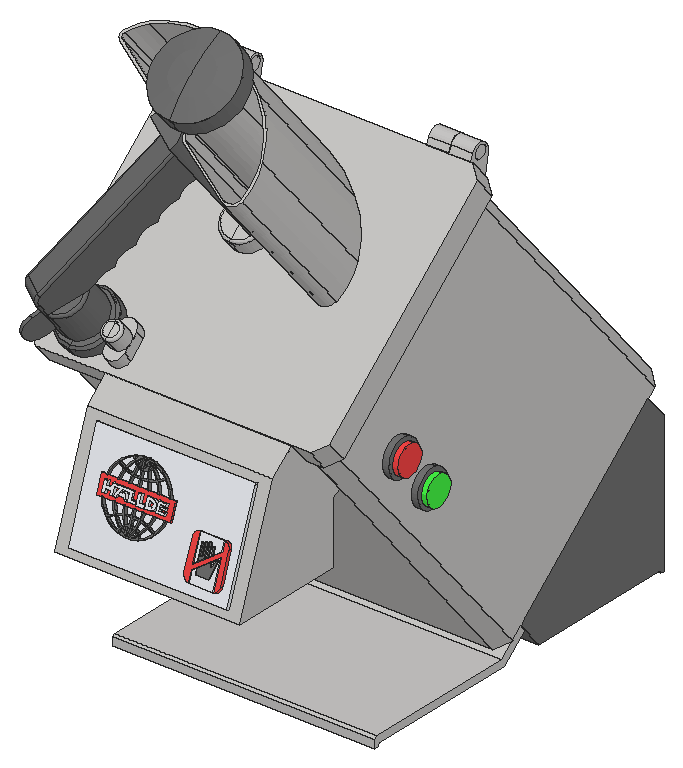
Revit family "RG100", category Specialty Equipment, Revit 2012
Parameters
  Width = 245 mm
  Weight = "16 kg"
  Watts = 250 W
  Volts = 230 V
  URL Cutsheet = ""
  URL = "www.hallde.com"
  Status [instance] = ""
  Specification by User [instance] = ""
  Specification by Manufacturer [instance] = ""
  Show Logo [instance] = yes
  Serial Number = ""
  Seismic Rating = ""
  SMACNA No = ""
  Revision Code [instance] = ""
  Phase = 1
  Number of Poles [instance] = 1
  NAFEM Spec ID Number = ""
  Model = "RG-100"
  Min Ckt Ampacity = 0 A
  Max Overcurrent Protection = 10 A
  Manufacturer = "HALLDE"
  Item Number [instance] = ""
  Installed By [instance] = ""
  Identify Quantity as Lot [instance] = yes
  Height = 505 mm
  HP = ""
  Furnished By [instance] = ""
  Foodservice Equipment Identifier [instance] = yes
  FL Amps = 0 A
  Electrical Remarks [instance] = ""
  Electric Connection Type [instance] = "Cord & Plug"
  Elec Conn RI Height [instance] = 0 mm
  Elec Conn Connection Height = 342 mm
  Description = "VEGETABLE PREPARATION MACHINE 5 KG/MINUTE"
  Depth = 425 mm
  Cycle = 50 Hz
  Conn Plug = ""
  Conn Conduit = yes
  CSI MasterFormat = ""
  Assembly Code = "E1090320"
  Apparent Power = 0 VA
Reference planes
  plane 1 "BACK": y = 0
  plane 2: z = 0
  plane 3 "LEFT": x = 0
  plane 4 "RIGHT": x = 245
  plane 5 "FRONT": y = -425
  plane 6 "TOP": z = 505
Forms (mm)
  Extrusion 1, solid
    sketch origin (401.774, 453.852, 1213.947) x (0, 0.29296, 0.956125) y (0, -0.956125, 0.29296)
      loop
        circle (-1198.073, 362.858) r 15
    from -171.774 to -165.774
  Extrusion 2, solid
    sketch origin (401.774, 453.852, 1213.947) x (0, 0.29296, 0.956125) y (0, -0.956125, 0.29296)
      loop
        circle (-1198.073, 362.858) r 12
    from -165.774 to -160.767
  Extrusion 3, solid
    sketch origin (401.774, 424.236, 1249.241) x (0, 0.29296, 0.956125) y (0, -0.956125, 0.29296)
      loop
        circle (-1198.073, 362.858) r 15
    from -171.774 to -165.774
  Extrusion 4, solid
    sketch origin (401.774, 424.236, 1249.241) x (0, 0.29296, 0.956125) y (0, -0.956125, 0.29296)
      loop
        circle (-1198.073, 362.858) r 12
    from -165.774 to -160.767
  Extrusion 5, solid
    sketch origin (399.979, 693.808, 531.269) x (-1, 0, 0) y (0, -0.642788, 0.766044)
      loop
        line (371.912, 388.034) -> (364.696, 400.534) -> (350.262, 400.534) -> (343.045, 388.034) -> (350.262, 375.534) -> (364.696, 375.534) -> (371.912, 388.034)
    from -777.103 to -765.103
  Revolve 6, solid
    sketch origin (42.5, 954.263, 749.816) x (0, 0.766044, 0.642788) y (0, -0.642788, 0.766044)
      loop
        line (-1105.103, 388.034) -> (-1097.103, 388.034) -> (-1097.103, 394.534)
        arc (-1097.103, 394.534) -> (-1098.596, 398.041) -> (-1102.103, 399.534) r 5.1
        line (-1102.103, 399.534) -> (-1105.103, 399.534) -> (-1105.103, 388.034)
      axis (-1097.103, 388.034) -> (-1105.103, 388.034)
    angle from 0 to 360
  Extrusion 7, solid
    sketch origin (0, 2155.657, 1808.811) x (1, 0, 0) y (0, 0.766044, 0.642788)
      loop
        line (235, -2714.625) -> (10, -2714.625) -> (0, -2724.625) -> (0, -2922.168) -> (10, -2932.168) -> (235, -2932.168) -> (245, -2922.168) -> (245, -2724.625) -> (235, -2714.625)
    from 409.659 to 431.659
  Extrusion 8, solid
    sketch origin (0, 2155.657, 1808.811) x (1, 0, 0) y (0, 0.766044, 0.642788)
      loop
        line (15, -2918.659) -> (25, -2928.659) -> (220, -2928.659) -> (230, -2918.659) -> (230, -2728.134) -> (220, -2718.134) -> (25, -2718.134) -> (15, -2728.134) -> (15, -2918.659)
    from 115.925 to 409.659
  Extrusion 9, solid
    sketch origin (0, 2155.657, 1808.811) x (0, 0.766044, 0.642788) y (0, -0.642788, 0.766044)
      loop
        line (-2969.499, 321.392) -> (-2937.615, 359.39)
        arc (-2937.615, 359.39) -> (-2934.615, 360.789) -> (-2931.615, 359.39) r 3.916
        line (-2931.615, 359.39) -> (-2928.659, 359.39) -> (-2928.659, 409.659) -> (-2932.168, 409.659) -> (-2932.168, 431.659) -> (-2956.897, 431.659) -> (-3042.21, 382.403) -> (-2969.499, 321.392)
    from 67.42 to 219.42
  Extrusion 10, void
    sketch origin (0, 2155.657, 1808.811) x (0, 0.766044, 0.642788) y (0, -0.642788, 0.766044)
      loop
        line (-3040.579, 381.035) -> (-2971.031, 322.677) -> (-2939.147, 360.675)
        arc (-2939.147, 360.675) -> (-2935.527, 362.576) -> (-2931.615, 361.39) r 5.389
        line (-2931.615, 361.39) -> (-2928.659, 361.39) -> (-2928.659, 409.659) -> (-2932.168, 409.659) -> (-2932.168, 429.659) -> (-2956.361, 429.659) -> (-3040.579, 381.035)
    from 69.42 to 217.42
  Extrusion 11, solid
    sketch origin (0, 2155.657, 1808.811) x (0, 0.766044, 0.642788) y (0, -0.642788, 0.766044)
      loop
        line (-2709.542, 433.924) -> (-2714.625, 431.659) -> (-2714.625, 409.659) -> (-2701.617, 419.994)
        arc (-2701.617, 419.994) -> (-2698.864, 430.779) -> (-2709.542, 433.924) r 8.019
      loop
        circle (-2705.167, 427.682) r 5.5
    from 12.03 to 29.825
  Extrusion 12, solid
    sketch origin (18.295, 2155.657, 1808.811) x (0, 0.766044, 0.642788) y (0, -0.642788, 0.766044)
      loop
        line (-2709.542, 433.924) -> (-2714.625, 431.659) -> (-2714.625, 409.659) -> (-2701.617, 419.994)
        arc (-2701.617, 419.994) -> (-2698.864, 430.779) -> (-2709.542, 433.924) r 8.019
      loop
        circle (-2705.167, 427.682) r 5.5
    from 12.03 to 29.825
  Extrusion 13, solid
    sketch origin (245, 2155.657, 1808.811) x (0, 0.766044, 0.642788) y (0, 0.642788, -0.766044)
      loop
        arc (-2709.542, -433.924) -> (-2698.864, -430.779) -> (-2701.617, -419.994) r 8.019
        line (-2701.617, -419.994) -> (-2714.625, -409.659) -> (-2714.625, -431.659) -> (-2709.542, -433.924)
      loop
        circle (-2705.167, -427.682) r 5.5
    from 12.03 to 29.825
  Extrusion 14, solid
    sketch origin (226.705, 2155.657, 1808.811) x (0, 0.766044, 0.642788) y (0, 0.642788, -0.766044)
      loop
        arc (-2709.542, -433.924) -> (-2698.864, -430.779) -> (-2701.617, -419.994) r 8.019
        line (-2701.617, -419.994) -> (-2714.625, -409.659) -> (-2714.625, -431.659) -> (-2709.542, -433.924)
      loop
        circle (-2705.167, -427.682) r 5.5
    from 12.03 to 29.825
  Extrusion 15, solid
    sketch origin (0, 2155.657, 1808.811) x (0, 0.766044, 0.642788) y (0, -0.642788, 0.766044)
      loop
        circle (-2705.167, 427.682) r 5
    from 12.03 to 48.12
  Extrusion 16, solid
    sketch origin (184.85, 2155.657, 1808.811) x (0, 0.766044, 0.642788) y (0, -0.642788, 0.766044)
      loop
        circle (-2705.167, 427.682) r 5
    from 12.03 to 48.12
  Extrusion 17, solid
    sketch origin (0, 0, 0) x (0, 1, 0) y (0, 0, 1)
      loop
        line (-165.413, 12.531) -> (-293.734, 12.531) -> (-295.739, 10.526) -> (-295.739, 4.511) -> (-292.731, 4.511) -> (-291.573, 6.516) -> (-163.224, 6.516) -> (-142.348, 24.033) -> (-146.214, 28.641) -> (-165.413, 12.531)
    from 15 to 230
  Extrusion 18, solid
    sketch origin (0, 0, 0) x (0, 1, 0) y (0, 0, 1)
      loop
        line (0, 119.525) -> (-15.66, 138.189) -> (-146.214, 28.641) -> (-127.649, 6.516) -> (-4.165, 6.516) -> (-3.008, 4.511) -> (0, 4.511) -> (0, 119.525)
    from 15 to 230
  Extrusion 19, solid, visible <- "Show Logo", detail levels medium+fine
    sketch origin (264.42, -431.039, 117.612) x (1, 0, 0) y (0, 0.34202, 0.939693)
      loop
        line (-186, 122.471) -> (-186, 37) -> (-56, 37) -> (-56, 122.471) -> (-186, 122.471)
    from 0 to 2
  Extrusion 20, solid, visible <- "Show Logo", detail levels medium+fine
    sketch origin (264.42, -431.039, 117.612) x (1, 0, 0) y (0, 0.34202, 0.939693)
      loop
        arc (-115.542, 92.677) -> (-142, 112.68) -> (-168.458, 92.677) r 27.5
        line (-168.458, 92.677) -> (-167.417, 92.677)
        arc (-167.417, 92.677) -> (-165.014, 98.317) -> (-161.379, 103.254) r 26.5
        arc (-161.379, 103.254) -> (-158.741, 101.652) -> (-155.972, 100.291) r 34.778
        arc (-155.972, 100.291) -> (-157.729, 96.584) -> (-158.982, 92.677) r 31
        line (-158.982, 92.677) -> (-157.95, 92.677)
        arc (-157.95, 92.677) -> (-156.733, 96.383) -> (-155.044, 99.9) r 30
        arc (-155.044, 99.9) -> (-152.126, 98.871) -> (-149.128, 98.105) r 34.778
        arc (-149.128, 98.105) -> (-149.77, 95.407) -> (-150.262, 92.677) r 50
        line (-150.262, 92.677) -> (-149.25, 92.677)
        arc (-149.25, 92.677) -> (-148.769, 95.311) -> (-148.144, 97.914) r 49
        arc (-148.144, 97.914) -> (-145.333, 97.53) -> (-142.5, 97.375) r 34.778
        line (-142.5, 97.375) -> (-142.5, 92.677) -> (-141.5, 92.677) -> (-141.5, 97.376)
        arc (-141.5, 97.376) -> (-138.668, 97.534) -> (-135.859, 97.923) r 34.778
        arc (-135.859, 97.923) -> (-135.232, 95.315) -> (-134.75, 92.677) r 49
        line (-134.75, 92.677) -> (-133.738, 92.677)
        arc (-133.738, 92.677) -> (-134.231, 95.412) -> (-134.875, 98.115) r 50
        arc (-134.875, 98.115) -> (-131.88, 98.885) -> (-128.965, 99.917) r 34.778
        arc (-128.965, 99.917) -> (-127.271, 96.393) -> (-126.05, 92.677) r 30
        line (-126.05, 92.677) -> (-125.018, 92.677)
        arc (-125.018, 92.677) -> (-126.274, 96.593) -> (-128.038, 100.309) r 31
        arc (-128.038, 100.309) -> (-125.274, 101.673) -> (-122.641, 103.276) r 34.778
        arc (-122.641, 103.276) -> (-118.993, 98.33) -> (-116.583, 92.677) r 26.5
        line (-116.583, 92.677) -> (-115.542, 92.677)
      loop
        arc (-145.339, 111.469) -> (-147.542, 111.094) -> (-149.707, 110.534) r 26.5
        arc (-149.707, 110.534) -> (-149.401, 109.643) -> (-148.993, 108.793) r 8
        arc (-148.993, 108.793) -> (-147.214, 110.198) -> (-145.339, 111.469) r 31
      loop
        arc (-143.355, 111.474) -> (-145.993, 109.84) -> (-148.447, 107.944) r 30
        arc (-148.447, 107.944) -> (-147.472, 106.844) -> (-146.313, 105.942) r 8
        arc (-146.313, 105.942) -> (-144.921, 108.754) -> (-143.355, 111.474) r 50
      loop
        arc (-140.645, 111.474) -> (-139.079, 108.754) -> (-137.687, 105.942) r 50
        arc (-137.687, 105.942) -> (-136.528, 106.844) -> (-135.553, 107.944) r 8
        arc (-135.553, 107.944) -> (-138.007, 109.84) -> (-140.645, 111.474) r 30
      loop
        arc (-138.661, 111.469) -> (-136.786, 110.198) -> (-135.007, 108.793) r 31
        arc (-135.007, 108.793) -> (-134.599, 109.643) -> (-134.293, 110.534) r 8
        arc (-134.293, 110.534) -> (-136.458, 111.094) -> (-138.661, 111.469) r 26.5
      loop
        arc (-142.5, 110.956) -> (-144.055, 108.252) -> (-145.436, 105.455) r 49
        arc (-145.436, 105.455) -> (-144.004, 104.935) -> (-142.5, 104.695) r 8
        line (-142.5, 104.695) -> (-142.5, 110.956)
      loop
        line (-141.5, 110.956) -> (-141.5, 104.695)
        arc (-141.5, 104.695) -> (-139.996, 104.935) -> (-138.564, 105.455) r 8
        arc (-138.564, 105.455) -> (-139.945, 108.252) -> (-141.5, 110.956) r 49
      loop
        arc (-160.672, 103.984) -> (-158.131, 102.459) -> (-155.467, 101.161) r 33.778
        arc (-155.467, 101.161) -> (-152.867, 104.848) -> (-149.759, 108.119) r 31
        arc (-149.759, 108.119) -> (-150.276, 109.143) -> (-150.659, 110.225) r 9
        arc (-150.659, 110.225) -> (-156.017, 107.669) -> (-160.672, 103.984) r 26.5
      loop
        arc (-123.349, 104.005) -> (-127.996, 107.677) -> (-133.341, 110.225) r 26.5
        arc (-133.341, 110.225) -> (-133.724, 109.143) -> (-134.241, 108.119) r 9
        arc (-134.241, 108.119) -> (-131.14, 104.857) -> (-128.544, 101.179) r 31
        arc (-128.544, 101.179) -> (-125.884, 102.478) -> (-123.349, 104.005) r 33.778
      loop
        arc (-154.533, 100.773) -> (-151.734, 99.797) -> (-148.859, 99.07) r 33.778
        arc (-148.859, 99.07) -> (-147.885, 102.078) -> (-146.723, 105.019) r 50
        arc (-146.723, 105.019) -> (-148.067, 106.032) -> (-149.198, 107.277) r 9
        arc (-149.198, 107.277) -> (-152.095, 104.213) -> (-154.533, 100.773) r 30
      loop
        arc (-147.873, 98.882) -> (-145.196, 98.521) -> (-142.5, 98.375) r 33.778
        line (-142.5, 98.375) -> (-142.5, 103.694)
        arc (-142.5, 103.694) -> (-144.211, 103.955) -> (-145.84, 104.54) r 9
        arc (-145.84, 104.54) -> (-146.943, 101.742) -> (-147.873, 98.882) r 49
      loop
        arc (-141.5, 98.376) -> (-138.805, 98.526) -> (-136.13, 98.891) r 33.778
        arc (-136.13, 98.891) -> (-137.058, 101.746) -> (-138.16, 104.54) r 49
        arc (-138.16, 104.54) -> (-139.789, 103.955) -> (-141.5, 103.694) r 9
        line (-141.5, 103.694) -> (-141.5, 98.376)
      loop
        arc (-135.144, 99.081) -> (-132.273, 99.811) -> (-129.477, 100.79) r 33.778
        arc (-129.477, 100.79) -> (-131.911, 104.22) -> (-134.802, 107.277) r 30
        arc (-134.802, 107.277) -> (-135.933, 106.032) -> (-137.277, 105.019) r 9
        arc (-137.277, 105.019) -> (-136.117, 102.083) -> (-135.144, 99.081) r 50
      loop
        line (-115.542, 77.682) -> (-116.583, 77.682)
        arc (-116.583, 77.682) -> (-118.993, 72.029) -> (-122.641, 67.084) r 26.5
        arc (-122.641, 67.084) -> (-125.274, 68.687) -> (-128.038, 70.05) r 34.778
        arc (-128.038, 70.05) -> (-126.274, 73.766) -> (-125.018, 77.682) r 31
        line (-125.018, 77.682) -> (-126.05, 77.682)
        arc (-126.05, 77.682) -> (-127.271, 73.967) -> (-128.965, 70.442) r 30
        arc (-128.965, 70.442) -> (-131.88, 71.474) -> (-134.875, 72.244) r 34.778
        arc (-134.875, 72.244) -> (-134.231, 74.947) -> (-133.738, 77.682) r 50
        line (-133.738, 77.682) -> (-134.75, 77.682)
        arc (-134.75, 77.682) -> (-135.232, 75.044) -> (-135.859, 72.436) r 49
        arc (-135.859, 72.436) -> (-138.668, 72.825) -> (-141.5, 72.983) r 34.778
        line (-141.5, 72.983) -> (-141.5, 77.682) -> (-142.5, 77.682) -> (-142.5, 72.984)
        arc (-142.5, 72.984) -> (-145.333, 72.83) -> (-148.144, 72.445) r 34.778
        arc (-148.144, 72.445) -> (-148.769, 75.049) -> (-149.25, 77.682) r 49
        line (-149.25, 77.682) -> (-150.262, 77.682)
        arc (-150.262, 77.682) -> (-149.77, 74.953) -> (-149.128, 72.255) r 50
        arc (-149.128, 72.255) -> (-152.126, 71.488) -> (-155.044, 70.459) r 34.778
        arc (-155.044, 70.459) -> (-156.733, 73.976) -> (-157.95, 77.682) r 30
        line (-157.95, 77.682) -> (-158.982, 77.682)
        arc (-158.982, 77.682) -> (-157.729, 73.776) -> (-155.972, 70.069) r 31
        arc (-155.972, 70.069) -> (-158.741, 68.707) -> (-161.379, 67.105) r 34.778
        arc (-161.379, 67.105) -> (-165.014, 72.042) -> (-167.417, 77.682) r 26.5
        line (-167.417, 77.682) -> (-168.458, 77.682)
        arc (-168.458, 77.682) -> (-142, 57.68) -> (-115.542, 77.682) r 27.5
      loop
        arc (-145.339, 58.891) -> (-147.214, 60.162) -> (-148.993, 61.566) r 31
        arc (-148.993, 61.566) -> (-149.401, 60.717) -> (-149.707, 59.825) r 8
        arc (-149.707, 59.825) -> (-147.542, 59.266) -> (-145.339, 58.891) r 26.5
      loop
        arc (-143.355, 58.886) -> (-144.921, 61.605) -> (-146.313, 64.418) r 50
        arc (-146.313, 64.418) -> (-147.472, 63.515) -> (-148.447, 62.416) r 8
        arc (-148.447, 62.416) -> (-145.993, 60.519) -> (-143.355, 58.886) r 30
      loop
        arc (-140.645, 58.886) -> (-138.007, 60.519) -> (-135.553, 62.416) r 30
        arc (-135.553, 62.416) -> (-136.528, 63.515) -> (-137.687, 64.418) r 8
        arc (-137.687, 64.418) -> (-139.079, 61.605) -> (-140.645, 58.886) r 50
      loop
        arc (-138.661, 58.891) -> (-136.458, 59.266) -> (-134.293, 59.825) r 26.5
        arc (-134.293, 59.825) -> (-134.599, 60.717) -> (-135.007, 61.566) r 8
        arc (-135.007, 61.566) -> (-136.786, 60.162) -> (-138.661, 58.891) r 31
      loop
        line (-142.5, 59.404) -> (-142.5, 65.664)
        arc (-142.5, 65.664) -> (-144.004, 65.425) -> (-145.436, 64.904) r 8
        arc (-145.436, 64.904) -> (-144.055, 62.107) -> (-142.5, 59.404) r 49
      loop
        arc (-141.5, 59.404) -> (-139.945, 62.107) -> (-138.564, 64.904) r 49
        arc (-138.564, 64.904) -> (-139.996, 65.425) -> (-141.5, 65.664) r 8
        line (-141.5, 65.664) -> (-141.5, 59.404)
      loop
        arc (-160.672, 66.375) -> (-156.017, 62.69) -> (-150.659, 60.134) r 26.5
        arc (-150.659, 60.134) -> (-150.276, 61.216) -> (-149.759, 62.24) r 9
        arc (-149.759, 62.24) -> (-152.867, 65.511) -> (-155.467, 69.198) r 31
        arc (-155.467, 69.198) -> (-158.131, 67.901) -> (-160.672, 66.375) r 33.778
      loop
        arc (-123.349, 66.354) -> (-125.884, 67.881) -> (-128.544, 69.18) r 33.778
        arc (-128.544, 69.18) -> (-131.14, 65.503) -> (-134.241, 62.24) r 31
        arc (-134.241, 62.24) -> (-133.724, 61.216) -> (-133.341, 60.134) r 9
        arc (-133.341, 60.134) -> (-127.996, 62.682) -> (-123.349, 66.354) r 26.5
      loop
        arc (-154.533, 69.586) -> (-152.095, 66.146) -> (-149.198, 63.082) r 30
        arc (-149.198, 63.082) -> (-148.067, 64.328) -> (-146.723, 65.341) r 9
        arc (-146.723, 65.341) -> (-147.885, 68.281) -> (-148.859, 71.289) r 50
        arc (-148.859, 71.289) -> (-151.734, 70.562) -> (-154.533, 69.586) r 33.778
      loop
        arc (-147.873, 71.478) -> (-146.943, 68.617) -> (-145.84, 65.819) r 49
        arc (-145.84, 65.819) -> (-144.211, 66.404) -> (-142.5, 66.666) r 9
        line (-142.5, 66.666) -> (-142.5, 71.984)
        arc (-142.5, 71.984) -> (-145.196, 71.838) -> (-147.873, 71.478) r 33.778
      loop
        line (-141.5, 71.983) -> (-141.5, 66.666)
        arc (-141.5, 66.666) -> (-139.789, 66.404) -> (-138.16, 65.819) r 9
        arc (-138.16, 65.819) -> (-137.058, 68.613) -> (-136.13, 71.469) r 49
        arc (-136.13, 71.469) -> (-138.805, 71.833) -> (-141.5, 71.983) r 33.778
      loop
        arc (-135.144, 71.279) -> (-136.117, 68.276) -> (-137.277, 65.341) r 50
        arc (-137.277, 65.341) -> (-135.933, 64.328) -> (-134.802, 63.082) r 9
        arc (-134.802, 63.082) -> (-131.911, 66.139) -> (-129.477, 69.57) r 30
        arc (-129.477, 69.57) -> (-132.273, 70.549) -> (-135.144, 71.279) r 33.778
    from 2 to 4
  Extrusion 21, solid, visible <- "Show Logo", detail levels medium+fine
    sketch origin (264.42, -431.039, 117.612) x (1, 0, 0) y (0, 0.34202, 0.939693)
      loop
        line (-167.5, 89.43) -> (-167.5, 80.93) -> (-165, 80.93) -> (-165, 83.93) -> (-161, 83.93) -> (-161, 80.93) -> (-158.5, 80.93) -> (-158.5, 87.43) -> (-154.8, 87.43) -> (-158.428, 80.93) -> (-156.228, 80.93) -> (-155.101, 82.92) -> (-149.899, 82.92) -> (-148.772, 80.93) -> (-146.744, 80.93) -> (-150.2, 87.43) -> (-146.5, 87.43) -> (-146.5, 80.93) -> (-140, 80.93) -> (-140, 83.43) -> (-144, 83.43) -> (-144, 89.43) -> (-161, 89.43) -> (-161, 86.43) -> (-165, 86.43) -> (-165, 89.43) -> (-167.5, 89.43)
      loop
        line (-152.5, 87.512) -> (-153.983, 84.894) -> (-151.017, 84.894) -> (-152.5, 87.512)
      loop
        line (-139.5, 80.93) -> (-133, 80.93) -> (-133, 83.43) -> (-137, 83.43) -> (-137, 89.43) -> (-139.5, 89.43) -> (-139.5, 80.93)
      loop
        line (-132.534, 80.93) -> (-127.034, 80.93)
        arc (-127.034, 80.93) -> (-124.013, 85.18) -> (-127.034, 89.43) r 4.5
        line (-127.034, 89.43) -> (-132.534, 89.43) -> (-132.534, 80.93)
      loop
        line (-130.034, 86.93) -> (-130.034, 83.43) -> (-127.545, 83.43)
        arc (-127.545, 83.43) -> (-126.513, 85.18) -> (-127.545, 86.93) r 2
        line (-127.545, 86.93) -> (-130.034, 86.93)
      loop
        line (-123.528, 80.93) -> (-116.537, 80.93) -> (-116.537, 82.947) -> (-121.025, 82.947) -> (-121.025, 84.444) -> (-116.537, 84.444) -> (-116.537, 85.916) -> (-121.025, 85.916) -> (-121.025, 87.412) -> (-116.537, 87.412) -> (-116.537, 89.43) -> (-123.528, 89.43) -> (-123.528, 80.93)
    from 4 to 6
  Extrusion 22, solid, visible <- "Show Logo", detail levels medium+fine
    sketch origin (264.42, -431.039, 117.612) x (1, 0, 0) y (0, 0.34202, 0.939693)
      loop
        line (-172, 92.677) -> (-172, 77.682) -> (-112, 77.682) -> (-112, 92.677) -> (-172, 92.677)
    from 2 to 4
  Extrusion 23, solid, visible <- "Show Logo", detail levels medium+fine
    sketch origin (1806.501, -485.723, -26.781) x (1, 0, 0) y (0, 0.34202, 0.939693)
      loop
        line (-1630.197, 199.484) -> (-1610.197, 199.484) -> (-1610.197, 222.978) -> (-1616.517, 218.395) -> (-1616.517, 215.917)
        arc (-1616.517, 215.917) -> (-1616.154, 215.256) -> (-1615.433, 215.479) r 0.597
        line (-1615.433, 215.479) -> (-1613.799, 219.523)
        arc (-1613.799, 219.523) -> (-1612.571, 220.103) -> (-1611.894, 218.925) r 1.001
        line (-1611.894, 218.925) -> (-1615.905, 206.143) -> (-1626.362, 206.143) -> (-1626.861, 210.894) -> (-1630.197, 208.475) -> (-1630.197, 199.484)
      loop
        line (-1630.197, 234.484) -> (-1630.197, 212.472) -> (-1627.252, 214.608) -> (-1627.355, 215.596) -> (-1627.355, 227.235)
        arc (-1627.355, 227.235) -> (-1626.379, 228.212) -> (-1625.403, 227.235) r 0.976
        line (-1625.403, 227.235) -> (-1625.403, 219.646)
        arc (-1625.403, 219.646) -> (-1624.9, 219.143) -> (-1624.398, 219.646) r 0.502
        line (-1624.398, 219.646) -> (-1624.398, 228.293)
        arc (-1624.398, 228.293) -> (-1623.406, 229.285) -> (-1622.414, 228.293) r 0.992
        line (-1622.414, 228.293) -> (-1622.414, 219.646)
        arc (-1622.414, 219.646) -> (-1621.912, 219.143) -> (-1621.41, 219.646) r 0.502
        line (-1621.41, 219.646) -> (-1621.41, 229.245)
        arc (-1621.41, 229.245) -> (-1620.458, 230.197) -> (-1619.506, 229.245) r 0.952
        line (-1619.506, 229.245) -> (-1619.506, 220.225) -> (-1618.421, 221.012) -> (-1618.421, 227.235)
        arc (-1618.421, 227.235) -> (-1617.469, 228.187) -> (-1616.517, 227.235) r 0.952
        line (-1616.517, 227.235) -> (-1616.517, 222.392) -> (-1610.197, 226.975) -> (-1610.197, 234.484) -> (-1630.197, 234.484)
    from 0 to 2
  Extrusion 24, solid, visible <- "Show Logo", detail levels medium+fine
    sketch origin (1806.501, -485.723, -26.781) x (1, 0, 0) y (0, 0.34202, 0.939693)
      loop
        arc (-1630.197, 234.484) -> (-1633.733, 233.019) -> (-1635.197, 229.484) r 5
        line (-1635.197, 229.484) -> (-1635.197, 204.484)
        arc (-1635.197, 204.484) -> (-1633.733, 200.948) -> (-1630.197, 199.484) r 5
        line (-1630.197, 199.484) -> (-1630.197, 208.475) -> (-1610.197, 222.978) -> (-1610.197, 199.484)
        arc (-1610.197, 199.484) -> (-1606.662, 200.948) -> (-1605.197, 204.484) r 5
        line (-1605.197, 204.484) -> (-1605.197, 229.484)
        arc (-1605.197, 229.484) -> (-1606.662, 233.019) -> (-1610.197, 234.484) r 5
        line (-1610.197, 234.484) -> (-1610.197, 226.975) -> (-1630.197, 212.472) -> (-1630.197, 234.484)
    from 0 to 2
  Extrusion 25, solid, visible <- "Show Logo", detail levels medium+fine
    sketch origin (1806.501, -485.723, -26.781) x (1, 0, 0) y (0, 0.34202, 0.939693)
      loop
        line (-1615.905, 206.143) -> (-1611.894, 218.925)
        arc (-1611.894, 218.925) -> (-1612.571, 220.103) -> (-1613.799, 219.523) r 1.001
        line (-1613.799, 219.523) -> (-1615.433, 215.479)
        arc (-1615.433, 215.479) -> (-1616.154, 215.256) -> (-1616.517, 215.917) r 0.597
        line (-1616.517, 215.917) -> (-1616.517, 218.395) -> (-1626.861, 210.894) -> (-1626.362, 206.143) -> (-1615.905, 206.143)
      loop
        line (-1627.252, 214.608) -> (-1619.506, 220.225) -> (-1619.506, 229.245)
        arc (-1619.506, 229.245) -> (-1620.458, 230.197) -> (-1621.41, 229.245) r 0.952
        line (-1621.41, 229.245) -> (-1621.41, 219.646)
        arc (-1621.41, 219.646) -> (-1621.912, 219.143) -> (-1622.414, 219.646) r 0.502
        line (-1622.414, 219.646) -> (-1622.414, 228.293)
        arc (-1622.414, 228.293) -> (-1623.406, 229.285) -> (-1624.398, 228.293) r 0.992
        line (-1624.398, 228.293) -> (-1624.398, 219.646)
        arc (-1624.398, 219.646) -> (-1624.9, 219.143) -> (-1625.403, 219.646) r 0.502
        line (-1625.403, 219.646) -> (-1625.403, 227.235)
        arc (-1625.403, 227.235) -> (-1626.379, 228.212) -> (-1627.355, 227.235) r 0.976
        line (-1627.355, 227.235) -> (-1627.355, 215.596) -> (-1627.252, 214.608)
      loop
        line (-1618.421, 221.012) -> (-1616.517, 222.392) -> (-1616.517, 227.235)
        arc (-1616.517, 227.235) -> (-1617.469, 228.187) -> (-1618.421, 227.235) r 0.952
        line (-1618.421, 227.235) -> (-1618.421, 221.012)
    from 0 to 2
  Revolve 26, solid
    sketch origin (45, 0, 0) x (0, 1, 0) y (0, 0, 1)
      loop
        line (-14.75, 6.516) -> (-14.75, 0) -> (-8.25, 0)
        arc (-8.25, 0) -> (-5.896, 2.865) -> (-5.25, 6.516) r 7.311
        line (-5.25, 6.516) -> (-14.75, 6.516)
      axis (-14.75, 6.516) -> (-14.75, 0)
    angle from 0 to 360
  Revolve 27, solid
    sketch origin (45, -266, 0) x (0, 1, 0) y (0, 0, 1)
      loop
        line (-14.75, 6.516) -> (-14.75, 0) -> (-8.25, 0)
        arc (-8.25, 0) -> (-5.896, 2.865) -> (-5.25, 6.516) r 7.311
        line (-5.25, 6.516) -> (-14.75, 6.516)
      axis (-14.75, 6.516) -> (-14.75, 0)
    angle from 0 to 360
  Revolve 28, solid
    sketch origin (200, 0, 0) x (0, 1, 0) y (0, 0, -1)
      loop
        line (-14.75, -6.516) -> (-5.25, -6.516)
        arc (-5.25, -6.516) -> (-5.896, -2.865) -> (-8.25, 0) r 7.311
        line (-8.25, 0) -> (-14.75, 0) -> (-14.75, -6.516)
      axis (-14.75, -6.516) -> (-14.75, 0)
    angle from 0 to 360
  Revolve 29, solid
    sketch origin (200, -266, 0) x (0, 1, 0) y (0, 0, -1)
      loop
        line (-14.75, -6.516) -> (-5.25, -6.516)
        arc (-5.25, -6.516) -> (-5.896, -2.865) -> (-8.25, 0) r 7.311
        line (-8.25, 0) -> (-14.75, 0) -> (-14.75, -6.516)
      axis (-14.75, -6.516) -> (-14.75, 0)
    angle from 0 to 360
  Extrusion 30, solid
    sketch origin (0, 1096.186, 920.401) x (1, 0, 0) y (0, 0.766044, 0.642788)
      loop
        line (132.848, -1426.983) -> (181.14, -1454.865)
        arc (181.14, -1454.865) -> (189.426, -1455.663) -> (195.464, -1449.933) r 10.037
        arc (195.464, -1449.933) -> (196.944, -1435.195) -> (194.44, -1420.597) r 55.023
        arc (194.44, -1420.597) -> (183.736, -1398.391) -> (167.156, -1380.147) r 85.744
        arc (167.156, -1380.147) -> (142.639, -1363.278) -> (114.541, -1353.473) r 111.815
        arc (114.541, -1353.473) -> (87.952, -1352.025) -> (62.504, -1359.862) r 75.792
        arc (62.504, -1359.862) -> (54.889, -1364.925) -> (48.582, -1371.544) r 41.125
        arc (48.582, -1371.544) -> (47.486, -1375.634) -> (49.914, -1379.102) r 5.009
        line (49.914, -1379.102) -> (98.207, -1406.983) -> (108.207, -1406.983) -> (127.848, -1418.323) -> (132.848, -1426.983)
      loop
        arc (63.419, -1361.641) -> (56.154, -1366.474) -> (50.142, -1372.797) r 39.125
        arc (50.142, -1372.797) -> (49.452, -1375.265) -> (50.914, -1377.37) r 3.009
        line (50.914, -1377.37) -> (98.742, -1404.983) -> (108.742, -1404.983) -> (129.312, -1416.859) -> (134.312, -1425.519) -> (182.14, -1453.133)
        arc (182.14, -1453.133) -> (188.707, -1453.794) -> (193.555, -1449.315) r 8.037
        arc (193.555, -1449.315) -> (194.943, -1435.187) -> (192.532, -1421.197) r 53.023
        arc (192.532, -1421.197) -> (182.064, -1399.489) -> (165.848, -1381.661) r 83.744
        arc (165.848, -1381.661) -> (141.743, -1365.066) -> (114.111, -1355.427) r 109.815
        arc (114.111, -1355.427) -> (88.21, -1354.008) -> (63.419, -1361.641) r 73.792
    from 431.26 to 581.26
  Revolve 31, solid
    sketch origin (126, 1096.186, 920.401) x (0, 0.766044, 0.642788) y (0, -0.642788, 0.766044)
      loop
        line (-1353.294, 581.26) -> (-1353.294, 596.26)
        arc (-1353.294, 596.26) -> (-1370.111, 600.006) -> (-1387.294, 601.264) r 118.015
        line (-1387.294, 601.264) -> (-1387.294, 581.26) -> (-1353.294, 581.26)
      axis (-1387.294, 601.264) -> (-1387.294, 581.26)
    angle from 0 to 360
  Extrusion 32, solid
    sketch origin (0, 1096.186, 920.401) x (1, 0, 0) y (0, 0.766044, 0.642788)
      loop
        circle (126, -1387.294) r 25
    from 431.26 to 581.26
  Revolve 33, solid
    sketch origin (111, 1096.186, 920.401) x (0, 0.766044, 0.642788) y (0, -0.642788, 0.766044)
      loop
        line (-1425.983, 446.26) -> (-1425.983, 431.26) -> (-1408.983, 431.26) -> (-1408.983, 444.26)
        arc (-1408.983, 444.26) -> (-1409.595, 445.647) -> (-1410.983, 446.26) r 2.1
        line (-1410.983, 446.26) -> (-1425.983, 446.26)
      axis (-1425.983, 446.26) -> (-1425.983, 431.26)
    angle from 0 to 360
  Extrusion 34, solid
    sketch origin (0, 1096.186, 920.401) x (1, 0, 0) y (0, 0.766044, 0.642788)
      loop
        arc (123.501, -1434.152) -> (119.17, -1413.28) -> (98.341, -1417.813) r 15.001
        line (98.341, -1417.813) -> (123.501, -1434.152)
    from 446.26 to 576.26
  Extrusion 35, solid
    sketch origin (0, 1096.186, 920.401) x (1, 0, 0) y (0, 0.766044, 0.642788)
      loop
        line (79.378, -1535.985) -> (79.378, -1519.985)
        arc (79.378, -1519.985) -> (71.378, -1511.985) -> (63.378, -1519.985) r 8
        line (63.378, -1519.985) -> (63.378, -1535.985)
        arc (63.378, -1535.985) -> (71.378, -1543.985) -> (79.378, -1535.985) r 8
    from 431.26 to 441.266
  Revolve 36, solid
    sketch origin (71.378, 1096.186, 920.401) x (0, 0.766044, 0.642788) y (0, -0.642788, 0.766044)
      loop
        line (-1527.986, 456.266) -> (-1527.986, 441.266) -> (-1519.985, 441.266) -> (-1519.985, 454.266)
        arc (-1519.985, 454.266) -> (-1520.598, 455.653) -> (-1521.985, 456.266) r 2.1
        line (-1521.985, 456.266) -> (-1527.986, 456.266)
      axis (-1527.986, 456.266) -> (-1527.986, 441.266)
    angle from 0 to 360
  Revolve 37, solid
    sketch origin (40, 1096.186, 920.401) x (0, 0.766044, 0.642788) y (0, -0.642788, 0.766044)
      loop
        line (-1505.969, 480.389) -> (-1522.427, 480.389) -> (-1522.427, 431.26) -> (-1498.927, 431.26) -> (-1498.927, 440.76) -> (-1500.962, 442.795) -> (-1508.89, 442.795) -> (-1508.89, 445.301) -> (-1503.881, 445.301) -> (-1503.881, 478.301)
        arc (-1503.881, 478.301) -> (-1504.492, 479.777) -> (-1505.969, 480.389) r 2.088
      axis (-1522.427, 480.389) -> (-1522.427, 431.26)
    angle from 0 to 360
  Extrusion 38, solid
    sketch origin (1222.498, 1293.3, 1085.799) x (0.587785, 0.619743, 0.520026) y (0, -0.642788, 0.766044)
      loop
        line (-2151.544, 480.389) -> (-2119.443, 480.389) -> (-2102.34, 488.127) -> (-2095.752, 487.363)
        arc (-2095.752, 487.363) -> (-2086.871, 495.151) -> (-2075.158, 496.681) r 20.315
        arc (-2075.158, 496.681) -> (-2066.233, 504.473) -> (-2054.484, 506.001) r 20.433
        arc (-2054.484, 506.001) -> (-2045.627, 513.836) -> (-2033.896, 515.324) r 20.067
        arc (-2033.896, 515.324) -> (-2025.664, 522.84) -> (-2014.703, 524.869) r 20.276
        line (-2014.703, 524.869) -> (-2014.703, 562.355) -> (-2145.651, 503.105)
        arc (-2145.651, 503.105) -> (-2149.943, 499.406) -> (-2151.544, 493.971) r 10.025
        line (-2151.544, 493.971) -> (-2151.544, 480.389)
    from 79.296 to 99.296
  Sweep 39, void
    path in 3D
      loop
        line (22.004, -384.597, 304.98) -> (22.004, -393.328, 315.385)
        arc (22.004, -393.328, 315.385) -> (22.945, -395.829, 320.38) -> (25.468, -395.547, 325.445) r 10.025
        line (25.468, -395.547, 325.445) -> (102.437, -352.478, 438.93)
    profile origin (22.004, -388.962, 310.182) x (0.587785, 0.619743, 0.520026) y (-0.809017, 0.45027, 0.377821)
      loop
        line (0, 0) -> (0, -2)
        arc (0, -2) -> (0.613, -0.613) -> (2, 0) r 2.1
        line (2, 0) -> (0, 0)
  Sweep 40, void
    path in 3D
      loop
        line (38.185, -393.602, 297.423) -> (38.185, -402.333, 307.828)
        arc (38.185, -402.333, 307.828) -> (39.126, -404.834, 312.824) -> (41.648, -404.552, 317.889) r 10.025
        line (41.648, -404.552, 317.889) -> (118.618, -361.483, 431.373)
    profile origin (38.185, -397.968, 302.626) x (0, -0.766044, -0.642788) y (1, 0, 0)
      loop
        line (0, 0) -> (-1.618, 1.176)
        arc (-1.618, 1.176) -> (-0.856, -0.136) -> (-1.176, -1.618) r 2.1
        line (-1.176, -1.618) -> (0, 0)
  Extrusion 41, void
    sketch origin (1375.715, 987.976, 829.602) x (-0.866025, 0.383022, 0.321394) y (0, -0.642788, 0.766044)
      loop
        line (474.966, 577.632) -> (538.151, 577.632) -> (538.151, 583.936) -> (470.385, 583.936) -> (474.966, 577.632)
    from -1737.845 to -1676.304
  Extrusion 42, solid
    sketch origin (1131.252, 1420.557, 1192.581) x (0.5, 0.663414, 0.55667) y (0, -0.642788, 0.766044)
      loop
        line (-2248.329, 477.445) -> (-2257.352, 477.159)
        arc (-2257.352, 477.159) -> (-2269.382, 465.129) -> (-2257.352, 453.099) r 12.03
        line (-2257.352, 453.099) -> (-2248.329, 453.099) -> (-2248.329, 477.445)
    from 26.222 to 29.222
Cuts and joins
  Extrusion 10 cuts Extrusion 9
  Sweep 39, Sweep 40 cuts Extrusion 38
  Extrusion 41 cuts Extrusion 30
Lines and regions (mm)
  symbolic lines, style "200-EquipBorder-2D"
    curve 1: line (230, 0, 0) -> (15, 0, 0)
    curve 2: line (15, 0, 0) -> (15, -183.464, 0)
    curve 3: line (15, -8.73, 0) -> (25, -1.069, 0)
    curve 5: line (25, -1.069, 0) -> (220, -1.069, 0)
    curve 7: line (220, -1.069, 0) -> (230, -8.73, 0)
    curve 8: line (230, -183.464, 0) -> (230, 0, 0)
    curve 9: line (0, -194.85, 0) -> (0, -360.318, 0)
    curve 10: line (245, -360.318, 0) -> (245, -194.85, 0)
    curve 11: line (235, -187.19, 0) -> (245, -194.85, 0)
    curve 16: line (0, -194.85, 0) -> (10, -187.19, 0)
    curve 17: line (10, -187.19, 0) -> (12.03, -187.19, 0)
    curve 19: line (0, -360.318, 0) -> (10, -367.979, 0)
    curve 20: line (10, -367.979, 0) -> (21.454, -367.979, 0)
    curve 21: line (235, -367.979, 0) -> (245, -360.318, 0)
    curve 26: line (12.03, -183.464, 0) -> (12.03, -187.19, 0)
    curve 30: line (12.03, -183.464, 0) -> (15, -183.464, 0)
    curve 35: line (232.97, -187.19, 0) -> (235, -187.19, 0)
    curve 64: line (67.42, -389.161, 0) -> (67.42, -420.615, 0)
    curve 66: line (219.42, -420.615, 0) -> (219.42, -367.979, 0)
    curve 67: line (67.42, -420.615, 0) -> (219.42, -420.615, 0)
    curve 91: line (41.075, -403.903, 0) -> (67.42, -389.161, 0)
    curve 92: line (22.82, -383.737, 0) -> (22.82, -393.249, 0)
    curve 99: spline (22.42, -383.026, 0) -> (21.442, -385.173, 0) -> (20.612, -387.353, 0) -> (19.962, -389.482, 0) -> (19.517, -391.478, 0) -> (19.295, -393.264, 0) -> (19.303, -394.771, 0) -> (19.541, -395.941, 0) -> (20, -396.729, 0) -> (20.663, -397.105, 0) -> (21.504, -397.055, 0) -> (22.49, -396.579, 0) -> (23.584, -395.698, 0)
    curve 100: spline (25.625, -397.336, 0) -> (25.368, -397.534, 0) -> (25.117, -397.709, 0) -> (24.872, -397.862, 0) -> (24.633, -397.992, 0) -> (24.402, -398.098, 0) -> (24.178, -398.181, 0) -> (23.961, -398.24, 0) -> (23.754, -398.275, 0) -> (23.555, -398.286, 0) -> (23.366, -398.273, 0) -> (23.186, -398.236, 0) -> (23.017, -398.175, 0)
    curve 101: line (20.419, -397.026, 0) -> (23.017, -398.175, 0)
    curve 102: line (37.874, -404.126, 0) -> (24.875, -396.921, 0)
    curve 103: arc (22.82, -393.249, 0) -> (23.369, -395.353, 0) -> (24.875, -396.921, 0) r 4.308
    curve 104: arc (37.874, -404.126, 0) -> (39.496, -404.318, 0) -> (41.075, -403.903, 0) r 4.384
    curve 108: arc (21.454, -378.974, 0) -> (21.802, -381.452, 0) -> (22.82, -383.737, 0) r 8.98
    curve 115: line (219.42, -367.979, 0) -> (235, -367.979, 0)
    curve 116: line (21.454, -367.979, 0) -> (21.454, -378.974, 0)
    curve 119: line (230, -183.464, 0) -> (232.97, -183.464, 0)
    curve 120: line (232.97, -187.19, 0) -> (232.97, -183.464, 0)
  symbolic lines, style "200-EquipInternal-2D"
    curve 4: line (25, -1.069, 0) -> (25, -183.464, 0)
    curve 6: line (220, -1.069, 0) -> (220, -183.464, 0)
    curve 12: line (245, -208.991, 0) -> (235, -201.331, 0)
    curve 13: line (235, -201.331, 0) -> (10, -201.331, 0)
    curve 14: line (10, -201.331, 0) -> (0, -208.991, 0)
    curve 15: line (10, -201.331, 0) -> (10, -187.19, 0)
    curve 18: line (235, -187.19, 0) -> (235, -201.331, 0)
    curve 22: line (196.88, -183.464, 0) -> (196.88, -201.331, 0)
    curve 23: line (214.675, -201.331, 0) -> (214.675, -183.464, 0)
    curve 24: line (215.175, -183.464, 0) -> (215.175, -201.331, 0)
    curve 25: line (232.97, -201.331, 0) -> (232.97, -187.19, 0)
    curve 27: line (29.825, -201.331, 0) -> (29.825, -183.464, 0)
    curve 28: line (30.325, -183.464, 0) -> (30.325, -201.331, 0)
    curve 29: line (48.12, -201.331, 0) -> (48.12, -183.464, 0)
    curve 31: line (30.325, -183.464, 0) -> (48.12, -183.464, 0)
    curve 32: line (215.175, -183.464, 0) -> (230, -183.464, 0)
    curve 33: line (196.88, -183.464, 0) -> (214.675, -183.464, 0)
    curve 34: line (48.12, -187.19, 0) -> (196.88, -187.19, 0)
    curve 36: line (31.131, -138.306, 0) -> (28.066, -141.719, 0)
    curve 37: line (28.066, -150.912, 0) -> (28.066, -141.719, 0)
    curve 38: line (35.283, -158.946, 0) -> (28.066, -150.912, 0)
    curve 39: line (49.717, -158.946, 0) -> (35.283, -158.946, 0)
    curve 40: line (56.934, -150.912, 0) -> (49.717, -158.946, 0)
    curve 41: line (56.934, -150.912, 0) -> (56.934, -141.719, 0)
    curve 42: line (49.717, -149.754, 0) -> (56.934, -141.719, 0)
    curve 43: line (49.717, -158.946, 0) -> (49.717, -149.754, 0)
    curve 44: line (35.283, -149.754, 0) -> (35.283, -158.946, 0)
    curve 45: line (28.066, -141.719, 0) -> (35.283, -149.754, 0)
    curve 46: line (35.283, -149.754, 0) -> (49.717, -149.754, 0)
    curve 47: spline (42.5, -146.813, 0) -> (44.145, -146.737, 0) -> (45.756, -146.511, 0) -> (47.3, -146.138, 0) -> (48.745, -145.628, 0) -> (50.062, -144.99, 0) -> (51.223, -144.238, 0) -> (52.205, -143.386, 0) -> (52.988, -142.453, 0) -> (53.555, -141.458, 0) -> (53.894, -140.421, 0) -> (54, -139.363, 0) -> (53.869, -138.306, 0)
    curve 48: line (56.934, -141.719, 0) -> (53.869, -138.306, 0)
    curve 49: spline (42.5, -139.769, 0) -> (44.182, -139.626, 0) -> (45.75, -139.209, 0) -> (47.096, -138.545, 0) -> (48.129, -137.68, 0) -> (48.779, -136.672, 0) -> (49, -135.591, 0) -> (48.779, -134.509, 0) -> (48.129, -133.502, 0) -> (47.096, -132.636, 0) -> (45.75, -131.972, 0) -> (44.182, -131.555, 0) -> (42.5, -131.413, 0)
    curve 50: spline (42.5, -131.413, 0) -> (40.818, -131.555, 0) -> (39.25, -131.972, 0) -> (37.904, -132.636, 0) -> (36.871, -133.502, 0) -> (36.221, -134.509, 0) -> (36, -135.591, 0) -> (36.221, -136.672, 0) -> (36.871, -137.68, 0) -> (37.904, -138.545, 0) -> (39.25, -139.209, 0) -> (40.818, -139.626, 0) -> (42.5, -139.769, 0)
    curve 51: spline (31.131, -138.306, 0) -> (31, -139.363, 0) -> (31.106, -140.421, 0) -> (31.445, -141.458, 0) -> (32.012, -142.453, 0) -> (32.795, -143.386, 0) -> (33.777, -144.238, 0) -> (34.938, -144.99, 0) -> (36.255, -145.628, 0) -> (37.7, -146.138, 0) -> (39.244, -146.511, 0) -> (40.855, -146.737, 0) -> (42.5, -146.813, 0)
    curve 52: arc (31.131, -138.306, 0) -> (42.5, -130.269, 0) -> (53.869, -138.306, 0) r 12.059
    curve 53: line (196.978, -367.979, 0) -> (219.42, -367.979, 0)
    curve 60: line (92.003, -350.176, 0) -> (49.914, -331.561, 0)
    curve 61: spline (49.914, -331.561, 0) -> (49.312, -331.248, 0) -> (48.776, -330.871, 0) -> (48.316, -330.439, 0) -> (47.943, -329.96, 0) -> (47.664, -329.445, 0) -> (47.486, -328.905, 0) -> (47.412, -328.35, 0) -> (47.444, -327.793, 0) -> (47.581, -327.245, 0) -> (47.82, -326.719, 0) -> (48.156, -326.224, 0) -> (48.582, -325.772, 0)
    curve 62: spline (16.5, -347.269, 0) -> (16.804, -344.383, 0) -> (17.708, -341.572, 0) -> (19.189, -338.908, 0) -> (21.207, -336.46, 0) -> (23.712, -334.292, 0) -> (26.639, -332.46, 0) -> (29.911, -331.011, 0) -> (33.444, -329.982, 0) -> (37.146, -329.4, 0) -> (40.923, -329.281, 0) -> (44.675, -329.627, 0) -> (48.307, -330.429, 0)
    curve 63: line (23.351, -395.32, 0) -> (93.074, -356.306, 0)
    curve 65: line (71.422, -386.922, 0) -> (169.813, -386.922, 0)
    curve 68: spline (47.41, -234.153, 0) -> (47.418, -233.929, 0) -> (47.444, -233.707, 0) -> (47.486, -233.486, 0) -> (47.545, -233.268, 0) -> (47.62, -233.052, 0) -> (47.712, -232.84, 0) -> (47.82, -232.633, 0) -> (47.943, -232.43, 0) -> (48.081, -232.234, 0) -> (48.234, -232.044, 0) -> (48.401, -231.861, 0) -> (48.582, -231.686, 0)
    curve 69: spline (48.582, -231.686, 0) -> (49.528, -230.768, 0) -> (50.518, -229.878, 0) -> (51.551, -229.016, 0) -> (52.625, -228.184, 0) -> (53.738, -227.384, 0) -> (54.889, -226.615, 0) -> (56.077, -225.88, 0) -> (57.3, -225.179, 0) -> (58.555, -224.514, 0) -> (59.842, -223.884, 0) -> (61.159, -223.292, 0) -> (62.504, -222.737, 0)
    curve 70: spline (62.504, -222.737, 0) -> (66.528, -221.264, 0) -> (70.659, -219.974, 0) -> (74.881, -218.873, 0) -> (79.181, -217.963, 0) -> (83.543, -217.25, 0) -> (87.952, -216.734, 0) -> (92.393, -216.417, 0) -> (96.851, -216.301, 0) -> (101.311, -216.387, 0) -> (105.755, -216.673, 0) -> (110.171, -217.159, 0) -> (114.541, -217.843, 0)
    curve 71: spline (114.541, -217.843, 0) -> (119.39, -218.691, 0) -> (124.186, -219.704, 0) -> (128.918, -220.879, 0) -> (133.577, -222.214, 0) -> (138.154, -223.707, 0) -> (142.639, -225.354, 0) -> (147.025, -227.152, 0) -> (151.302, -229.098, 0) -> (155.462, -231.188, 0) -> (159.496, -233.417, 0) -> (163.397, -235.781, 0) -> (167.156, -238.277, 0)
    curve 72: spline (167.156, -238.277, 0) -> (170.275, -240.342, 0) -> (173.26, -242.52, 0) -> (176.105, -244.805, 0) -> (178.803, -247.193, 0) -> (181.349, -249.677, 0) -> (183.736, -252.252, 0) -> (185.958, -254.911, 0) -> (188.011, -257.65, 0) -> (189.89, -260.461, 0) -> (191.59, -263.338, 0) -> (193.108, -266.274, 0) -> (194.44, -269.263, 0)
    curve 73: spline (194.44, -269.263, 0) -> (194.842, -270.288, 0) -> (195.211, -271.321, 0) -> (195.545, -272.361, 0) -> (195.845, -273.407, 0) -> (196.11, -274.459, 0) -> (196.34, -275.515, 0) -> (196.534, -276.576, 0) -> (196.694, -277.64, 0) -> (196.818, -278.707, 0) -> (196.907, -279.775, 0) -> (196.96, -280.846, 0) -> (196.978, -281.917, 0)
    curve 74: spline (48.582, -325.772, 0) -> (49.528, -324.854, 0) -> (50.518, -323.963, 0) -> (51.551, -323.102, 0) -> (52.625, -322.27, 0) -> (53.738, -321.469, 0) -> (54.889, -320.701, 0) -> (56.077, -319.966, 0) -> (57.3, -319.265, 0) -> (58.555, -318.599, 0) -> (59.842, -317.97, 0) -> (61.159, -317.378, 0) -> (62.504, -316.823, 0)
    curve 75: spline (62.504, -316.823, 0) -> (66.528, -315.349, 0) -> (70.659, -314.06, 0) -> (74.881, -312.958, 0) -> (79.181, -312.049, 0) -> (83.543, -311.335, 0) -> (87.952, -310.819, 0) -> (92.393, -310.503, 0) -> (96.851, -310.387, 0) -> (101.311, -310.472, 0) -> (105.755, -310.759, 0) -> (110.171, -311.245, 0) -> (114.541, -311.929, 0)
    curve 76: spline (114.541, -311.929, 0) -> (115.474, -312.078, 0) -> (116.405, -312.234, 0) -> (117.335, -312.396, 0) -> (118.263, -312.564, 0) -> (119.189, -312.738, 0) -> (120.113, -312.918, 0) -> (121.035, -313.105, 0) -> (121.955, -313.297, 0) -> (122.873, -313.495, 0) -> (123.788, -313.699, 0) -> (124.701, -313.909, 0) -> (125.612, -314.125, 0)
    curve 77: spline (126, -375.856, 0) -> (117.2, -374.969, 0) -> (109, -372.367, 0) -> (101.958, -368.228, 0) -> (96.555, -362.834, 0) -> (93.159, -356.552, 0) -> (92, -349.811, 0) -> (93.159, -343.07, 0) -> (96.555, -336.788, 0) -> (101.958, -331.394, 0) -> (109, -327.255, 0) -> (117.2, -324.653, 0) -> (126, -323.765, 0)
    curve 78: spline (126, -323.765, 0) -> (134.8, -324.653, 0) -> (143, -327.255, 0) -> (150.042, -331.394, 0) -> (155.445, -336.788, 0) -> (158.841, -343.07, 0) -> (160, -349.811, 0) -> (158.841, -356.552, 0) -> (155.445, -362.834, 0) -> (150.042, -368.228, 0) -> (143, -372.367, 0) -> (134.8, -374.969, 0) -> (126, -375.856, 0)
    curve 79: line (139.757, -373.629, 0) -> (181.14, -391.932, 0)
    curve 80: spline (181.14, -391.932, 0) -> (182.425, -392.41, 0) -> (183.787, -392.744, 0) -> (185.196, -392.926, 0) -> (186.625, -392.953, 0) -> (188.045, -392.825, 0) -> (189.426, -392.543, 0) -> (190.741, -392.113, 0) -> (191.963, -391.545, 0) -> (193.067, -390.85, 0) -> (194.031, -390.042, 0) -> (194.836, -389.137, 0) -> (195.464, -388.153, 0)
    curve 81: spline (195.464, -388.153, 0) -> (195.987, -386.299, 0) -> (196.4, -384.429, 0) -> (196.702, -382.547, 0) -> (196.894, -380.656, 0) -> (196.975, -378.76, 0) -> (196.944, -376.864, 0) -> (196.802, -374.97, 0) -> (196.549, -373.083, 0) -> (196.185, -371.207, 0) -> (195.712, -369.346, 0) -> (195.13, -367.502, 0) -> (194.44, -365.681, 0)
    curve 82: spline (194.44, -365.681, 0) -> (193.108, -362.692, 0) -> (191.59, -359.756, 0) -> (189.89, -356.879, 0) -> (188.011, -354.068, 0) -> (185.958, -351.33, 0) -> (183.736, -348.67, 0) -> (181.349, -346.095, 0) -> (178.803, -343.611, 0) -> (176.105, -341.223, 0) -> (173.26, -338.938, 0) -> (170.275, -336.76, 0) -> (167.156, -334.695, 0)
    curve 83: spline (167.156, -334.695, 0) -> (166.269, -334.085, 0) -> (165.373, -333.484, 0) -> (164.469, -332.889, 0) -> (163.557, -332.302, 0) -> (162.637, -331.722, 0) -> (161.709, -331.15, 0) -> (160.773, -330.585, 0) -> (159.829, -330.028, 0) -> (158.877, -329.479, 0) -> (157.918, -328.938, 0) -> (156.951, -328.404, 0) -> (155.977, -327.879, 0)
    curve 84: line (47.41, -234.153, 0) -> (47.41, -328.238, 0)
    curve 85: line (196.978, -281.917, 0) -> (196.978, -378.335, 0)
    curve 86: spline (92, -340.169, 0) -> (92.291, -336.769, 0) -> (93.159, -333.428, 0) -> (94.588, -330.202, 0) -> (96.555, -327.146, 0) -> (99.026, -324.313, 0) -> (101.958, -321.752, 0) -> (105.302, -319.506, 0) -> (109, -317.613, 0) -> (112.989, -316.106, 0) -> (117.2, -315.011, 0) -> (121.562, -314.346, 0) -> (126, -314.123, 0)
    curve 87: spline (126, -314.123, 0) -> (130.438, -314.346, 0) -> (134.8, -315.011, 0) -> (139.011, -316.106, 0) -> (143, -317.613, 0) -> (146.698, -319.506, 0) -> (150.042, -321.752, 0) -> (152.974, -324.313, 0) -> (155.445, -327.146, 0) -> (157.412, -330.202, 0) -> (158.841, -333.428, 0) -> (159.709, -336.769, 0) -> (160, -340.169, 0)
    curve 88: line (92, -340.169, 0) -> (92, -349.811, 0)
    curve 89: line (160, -349.811, 0) -> (160, -340.169, 0)
    curve 90: line (195.824, -386.922, 0) -> (219.42, -386.922, 0)
    curve 93: spline (76.805, -343.454, 0) -> (75.818, -344.425, 0) -> (74.84, -345.299, 0) -> (73.876, -346.069, 0) -> (72.935, -346.73, 0) -> (72.022, -347.277, 0) -> (71.143, -347.708, 0) -> (70.304, -348.019, 0) -> (69.511, -348.208, 0) -> (68.77, -348.274, 0) -> (68.085, -348.215, 0) -> (67.461, -348.034, 0) -> (66.903, -347.73, 0)
    curve 94: spline (66.903, -347.73, 0) -> (65.737, -349.108, 0) -> (64.563, -350.368, 0) -> (63.393, -351.497, 0) -> (62.239, -352.487, 0) -> (61.11, -353.325, 0) -> (60.018, -354.005, 0) -> (58.974, -354.52, 0) -> (57.987, -354.865, 0) -> (57.068, -355.037, 0) -> (56.224, -355.034, 0) -> (55.465, -354.855, 0) -> (54.798, -354.504, 0)
    curve 95: line (54.798, -354.504, 0) -> (50.926, -359.078, 0)
    curve 96: line (50.926, -359.078, 0) -> (40.873, -364.703, 0)
    curve 97: spline (21.454, -356.295, 0) -> (22.042, -352.744, 0) -> (23.77, -349.419, 0) -> (26.529, -346.53, 0) -> (30.142, -344.261, 0) -> (34.381, -342.755, 0) -> (38.976, -342.109, 0) -> (43.636, -342.363, 0) -> (48.066, -343.501, 0) -> (51.984, -345.451, 0) -> (55.141, -348.09, 0) -> (57.337, -351.249, 0) -> (58.433, -354.728, 0)
    curve 98: line (40.873, -364.703, 0) -> (22.82, -383.737, 0)
    curve 105: spline (40, -335.374, 0) -> (42.866, -335.508, 0) -> (45.69, -335.909, 0) -> (48.428, -336.571, 0) -> (51.041, -337.484, 0) -> (53.489, -338.634, 0) -> (55.735, -340.005, 0) -> (57.746, -341.575, 0) -> (59.493, -343.321, 0) -> (60.948, -345.217, 0) -> (62.091, -347.235, 0) -> (62.903, -349.345, 0) -> (63.374, -351.515, 0)
    curve 106: line (16.5, -347.269, 0) -> (16.5, -353.376, 0)
    curve 107: line (21.454, -356.295, 0) -> (21.454, -367.979, 0)
    curve 109: spline (63.378, -345.435, 0) -> (63.412, -344.828, 0) -> (63.525, -344.226, 0) -> (63.715, -343.636, 0) -> (63.981, -343.063, 0) -> (64.319, -342.514, 0) -> (64.727, -341.992, 0) -> (65.2, -341.504, 0) -> (65.734, -341.055, 0) -> (66.323, -340.648, 0) -> (66.962, -340.288, 0) -> (67.645, -339.978, 0) -> (68.364, -339.721, 0)
    curve 110: spline (73.937, -346.023, 0) -> (72.712, -345.787, 0) -> (71.454, -345.701, 0) -> (70.194, -345.769, 0) -> (68.964, -345.987, 0) -> (67.793, -346.351, 0) -> (66.712, -346.851, 0) -> (65.748, -347.475, 0) -> (64.923, -348.208, 0) -> (64.26, -349.032, 0) -> (63.774, -349.925, 0) -> (63.477, -350.865, 0) -> (63.378, -351.83, 0)
    curve 111: line (63.378, -345.398, 0) -> (63.378, -351.83, 0)
    curve 112: spline (21.454, -364.431, 0) -> (19.105, -361.613, 0) -> (17.476, -358.511, 0) -> (16.625, -355.231, 0) -> (16.58, -351.888, 0) -> (17.344, -348.596, 0) -> (18.888, -345.468, 0) -> (21.161, -342.614, 0) -> (24.084, -340.131, 0) -> (27.557, -338.104, 0) -> (31.458, -336.605, 0) -> (35.654, -335.684, 0) -> (40, -335.374, 0)
    curve 113: spline (56.573, -334.506, 0) -> (57.498, -335.253, 0) -> (58.366, -336.038, 0) -> (59.173, -336.86, 0) -> (59.918, -337.716, 0) -> (60.598, -338.604, 0) -> (61.211, -339.519, 0) -> (61.754, -340.46, 0) -> (62.226, -341.423, 0) -> (62.626, -342.406, 0) -> (62.952, -343.404, 0) -> (63.203, -344.415, 0) -> (63.378, -345.435, 0)
    curve 114: line (67.42, -389.161, 0) -> (103.206, -369.136, 0)
    curve 117: line (12.03, -187.19, 0) -> (12.03, -201.331, 0)
    curve 118: line (15, -183.464, 0) -> (29.825, -183.464, 0)
  sketch lines
    curve 54: line (22.004, -384.597, 304.98) -> (22.004, -393.328, 315.385)
    curve 55: arc (25.468, -395.547, 325.445) -> (22.945, -395.829, 320.38) -> (22.004, -393.328, 315.385) r 10.025
    curve 56: line (25.468, -395.547, 325.445) -> (102.437, -352.478, 438.93)
    curve 57: line (38.185, -393.602, 297.423) -> (38.185, -402.333, 307.828)
    curve 58: arc (41.648, -404.552, 317.889) -> (39.126, -404.834, 312.824) -> (38.185, -402.333, 307.828) r 10.025
    curve 59: line (41.648, -404.552, 317.889) -> (118.618, -361.483, 431.373)
Dimensions and locks
  plane 6 "TOP" to plane 2 = 505 mm
  aligned and locked: level to plane 2
Connectors
  electrical at (42.5, -135.591, 341.863), driven by "Volts", driven by "Watts", driven by "Number of Poles"
    settings: on Revolve 6, index 2, voltage 230 V, apparent load 250 VA, apparent load phase1 0 VA, apparent load phase2 0 VA, apparent load phase3 0 VA, power factor 1, load classification "Other", number of poles 1, system type 30, power factor state 1, is connector primary yes, connector utility no, sub classification motor no, connector description "Electrical Connection"
